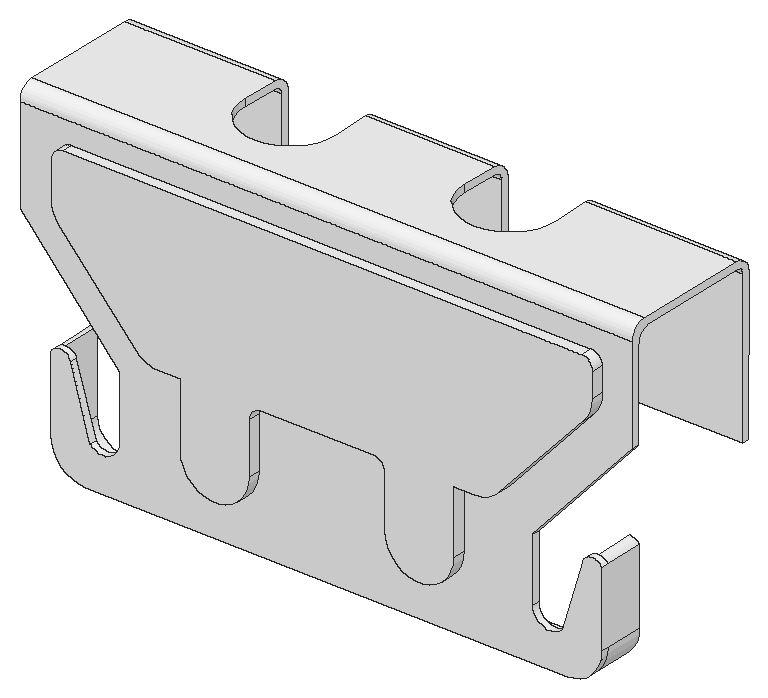
Revit family "特殊19mmWクリップ", category 機械設備, Revit 2020
Family settings
  丸型コネクタ寸法 = 直径を使用
  種別 = なし
  パーツ タイプ = 標準
  作業面ベース = いいえ
  常に垂直 = はい
  ロード時にボイドで切り取り = いいえ
  共有 = いいえ
  部屋計算ポイント = いいえ
Parameters
  製造元 = "株式会社桐井製作所"
  既定の高さ = 0 mm
  URL = "https://www.kirii.co.jp/"
  K_品名 = "特殊19mmWクリップ"
  K_名称 = "特殊クリップ"
  K_入数 = "1000"
  K_バージョン情報 = "20211012"
Reference planes
  plane 1 "中心(正面/背面)": y = 0
  plane 2: z = 0
  plane 3 "中心(左/右)": x = 0
Forms (mm)
  Extrusion 1, solid
    sketch origin (0, 30, 0) x (0, 1, 0) y (0, 0, 1)
      loop
        line (-30, 0) -> (-29.4, -0.6) -> (-29.4, 27.35)
        arc (-29.4, 27.35) -> (-29.034, 28.234) -> (-28.15, 28.6) r 1.25
        line (-28.15, 28.6) -> (-18.75, 28.6)
        arc (-18.75, 28.6) -> (-18.29, 28.41) -> (-18.1, 27.95) r 0.65
        line (-18.1, 27.95) -> (-18.1, 14.25) -> (-17.5, 14.85) -> (-17.5, 27.95)
        arc (-17.5, 27.95) -> (-17.866, 28.834) -> (-18.75, 29.2) r 1.25
        line (-18.75, 29.2) -> (-28.75, 29.2)
        arc (-28.75, 29.2) -> (-29.634, 28.834) -> (-30, 27.95) r 1.25
        line (-30, 27.95) -> (-30, 0)
    from -26.5 to 26.5
  Extrusion 2, void
    sketch origin (0, -0.6, -0.8) x (0, 1, 0) y (0, 0, 1)
      loop
        line (0.387, 0.8) -> (0.387, -0.064) -> (1.428, -0.064) -> (1.428, 0.8) -> (0.387, 0.8)
    from -26.5 to 26.5
  Extrusion 3, solid
    sketch origin (0, 0, 0) x (1, 0, 0) y (0, 0, 1)
      loop
        arc (-23.85, 3) -> (-22.971, 0.879) -> (-20.85, 0) r 3
        line (-20.85, 0) -> (20.85, 0)
        arc (20.85, 0) -> (22.971, 0.879) -> (23.85, 3) r 3
        line (23.85, 3) -> (23.85, 9.5)
        arc (23.85, 9.5) -> (23.51, 9.833) -> (23.05, 9.957) r 0.94
        line (23.05, 9.957) -> (23.05, 3)
        arc (23.05, 3) -> (22.406, 1.444) -> (20.85, 0.8) r 2.2
        line (20.85, 0.8) -> (-20.85, 0.8)
        arc (-20.85, 0.8) -> (-22.406, 1.444) -> (-23.05, 3) r 2.2
        line (-23.05, 3) -> (-23.05, 9.957)
        arc (-23.05, 9.957) -> (-23.51, 9.833) -> (-23.85, 9.5) r 0.94
        line (-23.85, 9.5) -> (-23.85, 3)
    from -4 to 0
  Extrusion 4, void
    sketch origin (0, -4.1, -4.895) x (0, 1, 0) y (0, 0, 1)
      loop
        line (15.756, 19.753) -> (15.756, 18.957) -> (16.879, 18.957) -> (16.879, 19.753) -> (15.756, 19.753)
    from -26.5 to 26.5
  Extrusion 5, void
    sketch origin (0, 0, 0) x (1, 0, 0) y (0, 1, 0)
      loop
        line (-13.356, 12.5) -> (-13.5, 8.028)
        arc (-13.5, 8.028) -> (-9.514, 4) -> (-5.5, 8) r 4
        line (-5.5, 8) -> (-5.644, 12.5) -> (-13.356, 12.5)
      loop
        arc (5.5, 8) -> (9.5, 4) -> (13.5, 8) r 4
        line (13.5, 8) -> (13.356, 12.5) -> (5.645, 12.5) -> (5.5, 8)
    from 14.03 to 29.2
  Extrusion 6, void
    sketch origin (0, 0, 0) x (1, 0, 0) y (0, 0, 1)
      loop
        line (-17.85, 10) -> (-26.5, 19.6) -> (-26.5, 0) -> (-20.85, 0)
        arc (-20.85, 0) -> (-22.971, 0.879) -> (-23.85, 3) r 3
        line (-23.85, 3) -> (-23.85, 9.5)
        arc (-23.85, 9.5) -> (-22.923, 9.949) -> (-22.141, 9.278) r 0.94
        line (-22.141, 9.278) -> (-20.468, 3.5)
        arc (-20.468, 3.5) -> (-18.815, 3.099) -> (-17.85, 4.5) r 1.5
        line (-17.85, 4.5) -> (-17.85, 10)
      loop
        line (17.85, 10) -> (17.85, 4.5)
        arc (17.85, 4.5) -> (18.815, 3.099) -> (20.468, 3.5) r 1.5
        line (20.468, 3.5) -> (22.141, 9.278)
        arc (22.141, 9.278) -> (22.923, 9.949) -> (23.85, 9.5) r 0.94
        line (23.85, 9.5) -> (23.85, 3)
        arc (23.85, 3) -> (22.971, 0.879) -> (20.85, 0) r 3
        line (20.85, 0) -> (26.5, 0) -> (26.5, 19.6) -> (17.85, 10)
    from -0.6 to 0.2
  Extrusion 7, solid
    sketch origin (0, 0, 0) x (1, 0, 0) y (0, 0, 1)
      loop
        line (22.85, 26.1) -> (-22, 26.1)
        arc (-22, 26.1) -> (-22.707, 25.807) -> (-23, 25.1) r 1
        line (-23, 25.1) -> (-23, 22.096)
        arc (-23, 22.096) -> (-22.801, 21.021) -> (-22.229, 20.088) r 3
        line (-22.229, 20.088) -> (-15.835, 12.992)
        arc (-15.835, 12.992) -> (-14.826, 12.259) -> (-13.606, 12) r 3
        line (-13.606, 12) -> (-11.85, 12) -> (-11.85, 6.5)
        arc (-11.85, 6.5) -> (-8.85, 3.5) -> (-5.85, 6.5) r 3
        line (-5.85, 6.5) -> (-5.85, 11)
        arc (-5.85, 11) -> (-5.557, 11.707) -> (-4.85, 12) r 1
        line (-4.85, 12) -> (4.85, 12)
        arc (4.85, 12) -> (5.557, 11.707) -> (5.85, 11) r 1
        line (5.85, 11) -> (5.85, 6.5)
        arc (5.85, 6.5) -> (8.85, 3.5) -> (11.85, 6.5) r 3
        line (11.85, 6.5) -> (11.85, 12) -> (13.606, 12)
        arc (13.606, 12) -> (14.826, 12.259) -> (15.835, 12.992) r 3
        line (15.835, 12.992) -> (23.079, 21.032)
        arc (23.079, 21.032) -> (23.651, 21.964) -> (23.85, 23.04) r 3
        line (23.85, 23.04) -> (23.85, 25.1)
        arc (23.85, 25.1) -> (23.557, 25.807) -> (22.85, 26.1) r 1
    from 0 to 1
Cuts and joins
  Extrusion 2, Extrusion 4, Extrusion 5, Extrusion 6 cuts Extrusion 1
  joined: Extrusion 1, Extrusion 3, Extrusion 7
Dimensions and locks
  aligned and locked: level to plane 2
